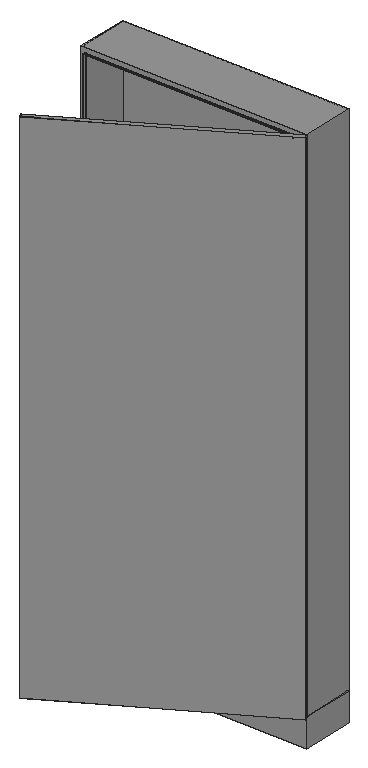
Revit family "Hager-Univers-IP44-D205-H1950-Cl.II-Encl-NoHosted-CH-fr", category Electrical Equipment, Revit 2020
Family settings
  Panel Configuration = Two Columns, Circuits Across
  Round Connector Dimension = Use Diameter
  Part Type = Panelboard
  Work Plane-Based = Yes
  Always vertical = Yes
  Cut with Voids When Loaded = No
  Shared = No
  Room Calculation Point = No
Parameters (values of type "installation au sol IP44 L800 H1950 P205  - FP23SN2")
  Width Control [instance] = if([EF000008 - largeur] > Min Width, [EF000008 - largeur], Min Width)  # 800 mm
  Type Comments = [HG000003 - Gamme]  # "Univers"
  Thickness Door [instance] = if([EF009171 - épaisseur de matériau de la porte/du couvercle] > 3 mm, 3 mm, [EF009171 - épaisseur de matériau de la porte/du couvercle])  # 1 mm
  Seal Frame Offset [instance] = 17 mm  # constant formula
  Plinth Visibility [instance] = [HG000027 - Hauteur du socle] > 0 mm  # yes
  Min Width [instance] = 100 mm  # constant formula
  Min Depth [instance] = (2 * [EF009170 - épaisseur de matériau du boîtier]) + 1 mm  # 3 mm
  Min Height [instance] = 100 mm  # constant formula
  Internal Frame Depth [instance] = (Door System Depth * 0.5)  # 9 mm
  Panel Name [instance] = ""  # (empty or 0)
  Model = ""
  HG000027 - Hauteur du socle = 100 mm
  HG000026 - Installation au sol = yes
  HG000024 - Hauteur de la section basse = 600 mm
  HG000023 - Armoire double section = no
  HG000016 - Visibilité de la porte 3D [instance] = yes
  HG000015 - Visibilité de l'emprise de la porte [instance] = no
  HG000014 - Porte à droite [instance] = yes
  HG000013 - Porte à gauche [instance] = not([HG000014 - Porte à droite])  # no
  HG000012 - Angle de pivotement de la porte [instance] = 30.00°
  HG000010 - Portes asymétriques = no
  HG000009 - Porte à double battant = no
  HG000006 - Encastré = no
  HG000004 - Référence fabricant = "FP23SN2"
  HG000003 - Gamme = "Univers"
  HG000002 - avec porte = yes
  Frame Offset Bottom [instance] = 10 mm  # constant formula
  Frame Offset [instance] = 15 mm  # constant formula
  EF015940 - couvercle avec décharge de pression = no
  EF011959 - degré de protection (NEMA) = ""
  EF009554 - nombre d'ouvertures pour plaques à bride = 6
  EF009212 - finition du couvercle = "EV000116 - fermé"
  EF009171 - épaisseur de matériau de la porte/du couvercle = 1 mm
  EF009170 - épaisseur de matériau du boîtier = 1 mm
  EF008873 - courant nominal (In) = 400 A
  EF007800 - adapté à un parafoudre = no
  EF006306 - avec serrure = no
  EF006244 - couvercle/porte transparent(e) = no
  EF005474 - indice de protection (IP) = "EV006418 - IP44"
  EF004464 - type de porte = "EV002646 - unique"
  EF004427 - nombre de modules = 432
  EF004293 - indice de protection contre les chocs (IK) = "EV006815 - IK09"
  EF003532 - convient pour utilisation à l’extérieur = no
  EF002950 - largeur en nombre de modules = 36
  EF001613 - maintien de fonction = "EV000494 - sans"
  EF001596 - matériau du boîtier/corps = "EV000179 - acier"
  EF001131 - profondeur intérieure = 143 mm
  EF001088 - possibilité de montage en saillie = yes
  EF000437 - nombre d'entrées de conduit = 6
  EF000339 - type de capot = "EV001012 - couvercle"
  EF000266 - nombre de rangées = 12
  EF000218 - profondeur d'encastrement = 0 mm
  EF000118 - avec cadre/support de montage = no
  EF000116 - numéro RAL = "9010"
  EF000049 - profondeur = 205 mm
  EF000040 - hauteur = 1950 mm
  EF000008 - largeur = 800 mm
  EF000007 - couleur = "EV000202 - blanc"
  EF000003 - mode de pose = "EV012274 - installation au sol"
  Door System Leaf Tolerance [instance] = 1.5 mm  # constant formula
  Door System Depth [instance] = 18 mm  # constant formula
  Door Height [instance] = Height Control - [HG000027 - Hauteur du socle]  # 1850 mm
  Description = ""
  Default Elevation = 1219.2 mm
  Connector Offset [instance] = Height Control / 2  # 975 mm
  Manufacturer = "Hager"  # constant formula
  Height Control [instance] = if([EF000040 - hauteur] > Min Height, [EF000040 - hauteur], Min Height)  # 1950 mm
  Depth Control [instance] = if([EF000049 - profondeur] > Min Depth, [EF000049 - profondeur], Min Depth)  # 205 mm
  Bottom Top Plate Trim [instance] = 1.5 mm  # constant formula
  Plinth height Ctrl [instance] = if([HG000027 - Hauteur du socle] > 0 mm, [HG000027 - Hauteur du socle], 12 mm)  # 100 mm
Types (5, lengths in mm): name | Width Control | HG000010 - Portes asymétriques | HG000009 - Porte à double battant | HG000004 - Référence fabricant | EF009554 - nombre d'ouvertures pour plaques à bride | EF008873 - courant nominal (In) | EF004464 - type de porte | EF004427 - nombre de modules | EF002950 - largeur en nombre de modules | EF000437 - nombre d'entrées de conduit | EF000008 - largeur
  installation au sol IP44 L1050 H1950 P205  - FP24SN2 | 1050 | no | yes | "FP24SN2" | 8 | 400 A | "EV003602 - double" | 576 | 48 | 8 | 1050
  installation au sol IP44 L1300 H1950 P205  - FP25SN2 | 1300 | yes | yes | "FP25SN2" | 10 | 400 A | "EV003602 - double" | 720 | 60 | 10 | 1300
  installation au sol IP44 L300 H1950 P205  - FP21SN2 | 300 | no | no | "FP21SN2" | 2 | 250 A | "EV002646 - unique" | 144 | 12 | 2 | 300
  installation au sol IP44 L550 H1950 P205  - FP22SN2 | 550 | no | no | "FP22SN2" | 4 | 400 A | "EV002646 - unique" | 288 | 24 | 4 | 550
  installation au sol IP44 L800 H1950 P205  - FP23SN2 | 800 | no | no | "FP23SN2" | 6 | 400 A | "EV002646 - unique" | 432 | 36 | 6 | 800
Reference planes
  plane 1 "Center (Front/Back)": y = 0
  plane 2: z = 0
  plane 3 "Center (Left/Right)": x = 0
  plane 4: y = 0
  plane 5: y = 0
  plane 6: z = 0
  plane 7: x = -400
  plane 8: x = 400
  plane 9: x = 399
  plane 10: x = -399
  plane 11: z = 100
  plane 12: z = 101
  plane 13: y = -205
  plane 14: y = -1
  plane 15: x = 0
  plane 16: y = -187
  plane 17: y = -204
  plane 18: y = -186
  plane 19: x = -384
  plane 20: x = 384
  plane 21: z = 111
  plane 22: x = -383
  plane 23: x = 383
  plane 24: z = 100
  plane 25: z = 1950
  plane 26: z = 1950
  plane 27: z = 1934
  plane 28: z = 1949
Forms (mm)
  Extrusion 1, solid, material "Hager_Steel_RAL7035_Light_Grey", detail levels medium+fine
    sketch origin (-208.679, -4572, 100) x (-1, 0, 0) y (0, -1, 0)
      loop
        line (191.321, -4385) -> (-608.679, -4385) -> (-608.679, -4572) -> (191.321, -4572) -> (191.321, -4385)
    from 0 to 1850
  Extrusion 2, void
    sketch origin (-350.771, -205, 1219.2) x (1, 0, 0) y (0, 0, 1)
      loop
        line (-48.229, 729.8) -> (-48.229, -1118.2) -> (749.771, -1118.2) -> (749.771, 729.8) -> (-48.229, 729.8)
    from -19 to -204
  Extrusion 3, void
    sketch origin (-290.084, -187, 1219.2) x (1, 0, 0) y (0, 0, 1)
      loop
        line (-93.916, -1108.2) -> (674.084, -1108.2) -> (674.084, 714.8) -> (-93.916, 714.8) -> (-93.916, -1108.2)
    from 0 to -1
  Extrusion 4, solid, material "Hager_Steel_RAL7035_Light_Grey", visible <- "Plinth Visibility", detail levels medium+fine
    sketch origin (0, 0, 0) x (1, 0, 0) y (0, 1, 0)
      loop
        line (-400, 0) -> (-400, -187) -> (400, -187) -> (400, 0) -> (-400, 0)
    from 0 to 100 <- "Plinth height Ctrl"
  Extrusion 5, solid, material "Hager_Steel_RAL7035_Light_Grey", detail levels coarse
    sketch origin (0, 0, 0) x (1, 0, 0) y (0, 1, 0)
      loop
        line (-400, 0) -> (-400, -205) -> (400, -205) -> (400, 0) -> (-400, 0)
    from 0 to 1950 <- "Height Control"
  Sweep 6, void
    path in 3D
      loop
        line (-400, -187, 100) -> (400, -187, 100) -> (400, 0, 100) -> (-400, 0, 100) -> (-400, -187, 100)
    profile origin (-400, -93.5, 100) x (1, 0, 0) y (0, 0, 1)
      loop
        line (0, 0) -> (0, -1.5) -> (1.5, -1.5)
        arc (1.5, -1.5) -> (1.061, -0.439) -> (0, 0) r 1.5
  Extrusion 7, solid, material "Hager_Steel_RAL7035_Light_Grey", detail levels fine
    sketch origin (-400, -187, 100) x (1, 0, 0) y (0, 0, 1)
      loop
        line (16, 11) -> (784, 11) -> (784, 1834) -> (16, 1834) -> (16, 11)
      loop
        line (15, 10) -> (785, 10) -> (785, 1835) -> (15, 1835) -> (15, 10)
    from 0 to 9 <- "Internal Frame Depth"
Cuts and joins
  Extrusion 2, Extrusion 3 cuts Extrusion 1
  Sweep 6 cuts Extrusion 4
Lines and regions (mm)
  Masking region 1
    outline origin (0, 0, 0) x (1, 0, 0) y (0, 1, 0)
      loop
        line (-400, 0) -> (-400, -205) -> (400, -205) -> (400, 0) -> (-400, 0)
  Masking region 2, detail levels coarse
    outline origin (-290.084, -187, 1219.2) x (-1, 0, 0) y (0, 0, 1)
      loop
        line (-690.084, -1219.2) -> (109.916, -1219.2) -> (109.916, 730.8) -> (-690.084, 730.8) -> (-690.084, -1219.2)
  Masking region 3, detail levels coarse
    outline origin (0, 0, 0) x (0, 1, 0) y (0, 0, 1)
      loop
        line (0, 0) -> (0, 1950) -> (-205, 1950) -> (-205, 0) -> (0, 0)
  Masking region 4, visible <- "Plinth Visibility", detail levels medium+fine
    outline origin (0, 0, 0) x (0, 1, 0) y (0, 0, 1)
      loop
        line (-1.5, 100) -> (-185.5, 100)
        arc (-185.5, 100) -> (-185.939, 98.939) -> (-187, 98.5) r 1.5
        line (-187, 98.5) -> (-187, 0) -> (0, 0) -> (0, 98.5)
        arc (0, 98.5) -> (-1.061, 98.939) -> (-1.5, 100) r 1.5
  Masking region 5, detail levels medium+fine
    outline origin (0, 0, 594.038) x (0, 1, 0) y (0, 0, 1)
      loop
        line (0, -494.038) -> (0, 1355.962) -> (-187, 1355.962) -> (-187, -494.038) -> (0, -494.038)
  Masking region 6, detail levels medium+fine
    outline origin (-359.7, -187, 1211.883) x (-1, 0, 0) y (0, 0, 1)
      loop
        line (-759.7, -1111.883) -> (40.3, -1111.883) -> (40.3, 738.117) -> (-759.7, 738.117) -> (-759.7, -1111.883)
  Masking region 7, visible <- "Plinth Visibility", detail levels medium+fine
    outline origin (-320.334, -187, 1041.368) x (-1, 0, 0) y (0, 0, 1)
      loop
        line (-720.334, -1041.368) -> (79.666, -1041.368) -> (79.666, -942.868)
        arc (79.666, -942.868) -> (78.606, -942.429) -> (78.166, -941.368) r 1.5
        line (78.166, -941.368) -> (-718.834, -941.368)
        arc (-718.834, -941.368) -> (-719.273, -942.429) -> (-720.334, -942.868) r 1.5
        line (-720.334, -942.868) -> (-720.334, -1041.368)
  sketch lines
    curve 1: line (-400, 0, 100) -> (-400, -187, 100)
    curve 2: line (-400, -187, 100) -> (400, -187, 100)
    curve 3: line (400, 0, 100) -> (-400, 0, 100)
    curve 4: line (400, -187, 100) -> (400, 0, 100)
Dimensions and locks
  locked: plane 1 "Center (Front/Back)" to plane 5
  "EF009170 - épaisseur de matériau du boîtier": plane 7 to plane 10
  "EF009170 - épaisseur de matériau du boîtier": plane 8 to plane 9
  equal spacing: plane 7, plane 3 "Center (Left/Right)", plane 8
  "Width Control": plane 7 to plane 8
  "Depth Control": plane 4 to plane 13
  "EF009170 - épaisseur de matériau du boîtier": plane 4 to plane 14
  "Height Control": plane 25 to level
  "HG000027 - Hauteur du socle": plane 11 to level
  "EF009170 - épaisseur de matériau du boîtier": plane 12 to plane 11
  "EF009170 - épaisseur de matériau du boîtier": plane 17 to plane 13
  "EF009170 - épaisseur de matériau du boîtier": plane 18 to plane 16
  "Frame Offset Bottom": plane 21 to plane 12
  "Frame Offset": plane 10 to plane 19
  "Frame Offset": plane 9 to plane 20
  "Door System Depth": plane 16 to plane 13
  "Seal Frame Offset": plane 7 to plane 22
  "Seal Frame Offset": plane 8 to plane 23
  "EF009170 - épaisseur de matériau du boîtier": plane 26 to plane 28
  "Frame Offset": plane 28 to plane 27
  "Connector Offset": plane 2 to connector elem
  "Bottom Top Plate Trim": profile plane to Sweep 6 sketch curve
  "Bottom Top Plate Trim": Sweep 6 sketch curve to Sweep 6 sketch curve
  "Plinth height Ctrl": Masking region 4 sketch curve to level
  "Plinth height Ctrl": Masking region 7 sketch curve to level
  "Thickness Door": Extrusion 7 sketch curve to Extrusion 7 sketch curve  (x4)
  "Bottom Top Plate Trim": radius of Sweep 6 sketch curve
  "Bottom Top Plate Trim": radius of Masking region 4 sketch curve  (x2)
  "Bottom Top Plate Trim": radius of Masking region 7 sketch curve  (x2)
  aligned and locked: Extrusion 2 sketch curve to plane 12
  aligned and locked: Extrusion 2 sketch curve to plane 9
  aligned and locked: Extrusion 2 sketch curve to plane 10
  aligned and locked: Extrusion 2 to plane 14
  aligned and locked: Extrusion 1 sketch curve to plane 4
  aligned and locked: plane 8 to Extrusion 1 sketch curve
  aligned and locked: plane 7 to Extrusion 1 sketch curve
  aligned and locked: Extrusion 2 to plane 18
  aligned and locked: Extrusion 3 sketch curve to plane 19
  aligned and locked: plane 20 to Extrusion 3 sketch curve
  aligned and locked: Extrusion 3 to Extrusion 2
  aligned and locked: Extrusion 3 sketch curve to plane 21
  aligned and locked: plane 3 "Center (Left/Right)" to nested 1
  aligned and locked: Extrusion 1 sketch curve to plane 16
  aligned and locked: Extrusion 4 sketch curve to cut or joined group of Extrusion 1, Extrusion 2, Extrusion 3
  aligned and locked: Masking region 1 sketch curve to plane 7
  aligned and locked: Masking region 1 sketch curve to plane 5
  aligned and locked: Masking region 1 sketch curve to plane 8
  aligned and locked: Masking region 2 sketch curve to level
  aligned and locked: level to Masking region 3 sketch curve
  aligned and locked: plane 1 "Center (Front/Back)" to Masking region 3 sketch curve
  aligned and locked: plane 13 to Masking region 3 sketch curve
  aligned and locked: plane 5 to Masking region 4 sketch curve
  aligned and locked: Masking region 2 sketch curve to plane 8
  aligned and locked: Masking region 2 sketch curve to plane 7
  aligned and locked: plane 7 to nested 2
  aligned and locked: nested 2 to plane 5
  aligned and locked: plane 5 to Masking region 5 sketch curve
  aligned and locked: plane 26 to Masking region 5 sketch curve
  aligned and locked: Extrusion 5 sketch curve to plane 8
  aligned and locked: Extrusion 5 sketch curve to plane 7
  aligned and locked: Extrusion 5 sketch curve to plane 5
  aligned and locked: Extrusion 3 sketch curve to plane 27
  aligned and locked: Extrusion 2 sketch curve to plane 28
  aligned and locked: Masking region 2 to plane 25
  aligned and locked: Extrusion 4 to plane 16
  aligned and locked: profile plane to Sweep 6 sketch curve
  aligned and locked: Masking region 5 sketch curve to plane 24
  aligned and locked: level to Masking region 4 sketch curve
  aligned and locked: Masking region 1 to plane 13
  aligned and locked: nested 1 to plane 16
  aligned and locked: Masking region 3 to plane 25
  aligned and locked: plane 16 to Masking region 4 sketch curve
  aligned and locked: Masking region 5 sketch curve to plane 16
  aligned and locked: plane 24 to plane 11
  aligned and locked: plane 26 to plane 25
  aligned and locked: plane 26 to cut or joined group of Extrusion 1, Extrusion 2, Extrusion 3
  aligned and locked: nested 1 to plane 24
  aligned and locked: Extrusion 1 to Extrusion 3
  aligned and locked: Masking region 6 sketch curve to plane 8
  aligned and locked: Masking region 6 sketch curve to plane 24
  aligned and locked: Masking region 6 sketch curve to plane 7
  aligned and locked: Masking region 6 sketch curve to plane 26
  aligned and locked: Masking region 7 sketch curve to plane 7
  aligned and locked: level to Masking region 7 sketch curve
  aligned and locked: Masking region 7 sketch curve to plane 8
  aligned and locked: Extrusion 7 sketch curve to cut or joined group of Extrusion 1, Extrusion 2, Extrusion 3  (x4)
Automatic sketch dimensions
  plane 19 to Extrusion 3 sketch curve = 0 mm
  Extrusion 3 sketch curve to plane 20 = 0 mm
  Extrusion 3 sketch curve to plane 21 = 0 mm
  Extrusion 4 sketch curve to plane 7 = 0 mm
  Extrusion 4 sketch curve to plane 8 = 0 mm
  Extrusion 4 sketch curve to plane 16 = 0 mm
  Masking region 1 sketch curve to plane 13 = 0 mm
  Masking region 2 sketch curve to plane 25 = 0 mm
  Masking region 3 sketch curve to plane 25 = 0 mm
  Extrusion 5 sketch curve to plane 13 = 0 mm
  profile plane to Sweep 6 sketch curve = 0 mm
Nested families
  nested 1: "EC000058_Univers_Door" at (0, -187, 100), Double <- "HG000009 - Porte à double battant", Transparent <- "EF006244 - couvercle/porte transparent(e)", Angle <- "HG000012 - Angle de pivotement de la porte", Door_Right <- "HG000014 - Porte à droite", Assymetrical <- "HG000010 - Portes asymétriques", Door <- "HG000002 - avec porte", Width_Ctrl <- "Width Control", 3d_Door <- "HG000016 - Visibilité de la porte 3D", Clearance <- "HG000015 - Visibilité de l'emprise de la porte", Door_Left <- "HG000013 - Porte à gauche", Width <- "Width Control", Door_Depth <- "Door System Depth", Leaf_Tolerance <- "Door System Leaf Tolerance", Height <- "Door Height", Lock_Visibility <- "EF006306 - avec serrure", Thickness <- "Thickness Door", type "EC000058_Univers_Door", detail levels medium+fine
    with min_wh 3 mm, Width_Ctrl 800 mm, Width 800 mm, Transparent no, Thickness 1 mm, Seal_Material Hager_Rubber, Lock_Visibility no, Lock_Material Hager_Plastic_RAL9005_Jet_Black, Leaf_Width 800 mm, Leaf_Tolerance_External_Sides 0 mm, Leaf_Tolerance 1.5 mm, Leaf_Offset 0 mm, Leaf_Height 1847 mm, Leaf_2_Width 800 mm, Leaf_2_Offset 400 mm, Leaf_1_Width 800 mm, Leaf_1_Offset 400 mm, Height_Ctrl 1850 mm, Height 1850 mm, Glass_Material Hager_Glass, Double_Clearance_Ctrl no, Double no, Door_Right_Ctrl yes, Door_Right yes, Door_Material Hager_Steel_RAL7035_Light_Grey, Door_Left_Ctrl no, Door_Left no, Door_Depth 18 mm, Door yes, Clearance_Material Hager_Clearance, Clearance_Depth 800 mm, Clearance_Ctrl no, Clearance no, Assymetrical no, Angle 30.00°, 3d_Door yes
  nested 2: "Hager_Enclosure_Symbol" at (-400, 0, 0), Height <- "Depth Control", Width <- "Width Control", type "Hager_Enclosure_Symbol"
    with Width_Ctrl 800 mm, Width 800 mm, Height_Ctrl 205 mm, Height 205 mm, A_Width_Int 13.453 mm, A_Width 161.438 mm, A_Height_Ctrl 179.375 mm, A_Height 179.375 mm
Connectors
  electrical at (0, 0, 975)
    settings: on plane 1 "Center (Front/Back)", index 1, voltage 0 V, apparent load 0 VA, apparent load phase1 0 VA, apparent load phase2 0 VA, apparent load phase3 0 VA, power factor 1, load classification "Other", number of poles 1, system type 30, power factor state 1, is connector primary yes, connector utility no, sub classification motor no, connector description ""
Definition of nested family "EC000058_Univers_Door"
  Parameters (values of type "EC000058_Univers_Door")
    min_wh [instance] = (2 * Thickness) + 1 mm  # 11 mm
    Width_Ctrl [instance] = 400 mm
    Width [instance] = 500 mm
    Transparent [instance] = yes
    Thickness [instance] = 5 mm
    Seal_Material [instance] = none
    Lock_Visibility [instance] = yes
    Lock_Material [instance] = none
    Leaf_Width [instance] = if((Width_Ctrl - 2 * Leaf_Tolerance_External_Sides) > 0 mm, (Width_Ctrl - 2 * Leaf_Tolerance_External_Sides), min_wh)  # 400 mm
    Leaf_Tolerance_External_Sides [instance] = 0 mm  # constant formula
    Leaf_Tolerance [instance] = 1.5 mm
    Leaf_Offset [instance] = 0 mm  # constant formula
    Leaf_Height [instance] = if((Height_Ctrl - 2 * Leaf_Tolerance) > 0 mm, (Height_Ctrl - 2 * Leaf_Tolerance), min_wh)  # 497 mm
    Leaf_2_Width [instance] = if(and(and(Double, Assymetrical), Door_Left), (Leaf_Width / 3) - (Leaf_Tolerance / 2), if(and(and(Double, Assymetrical), Door_Right), (Leaf_Width / 3) * 2 - (Leaf_Tolerance / 2), if(and(Double, not(Assymetrical)), (Leaf_Width / 2) - Leaf_Tolerance, Leaf_Width)))  # 400 mm
    Leaf_2_Offset [instance] = if(and(Double, Assymetrical), Leaf_2_Width / 2, if(and(Double, not(Assymetrical)), Leaf_Width / 4, Leaf_Width / 2))  # 200 mm
    Leaf_1_Width [instance] = if(and(and(Double, Assymetrical), Door_Right), (Leaf_Width / 3) - (Leaf_Tolerance / 2), if(and(and(Double, Assymetrical), Door_Left), (Width / 3) * 2 - (Leaf_Tolerance / 2), if(and(Double, not(Assymetrical)), (Leaf_Width / 2) - Leaf_Tolerance, Leaf_Width)))  # 400 mm
    Leaf_1_Offset [instance] = if(and(Double, Assymetrical), Leaf_1_Width / 2, if(and(Double, not(Assymetrical)), Leaf_Width / 4, Leaf_Width / 2))  # 200 mm
    Height_Ctrl [instance] = if(Height > min_wh, Height, min_wh)  # 500 mm
    Height [instance] = 500 mm
    Glass_Material [instance] = none
    Double_Clearance_Ctrl [instance] = and(Double, Clearance)  # no
    Double [instance] = no
    Door_Right_Ctrl [instance] = and(or(Door_Right, Double), Door)  # yes
    Door_Right [instance] = yes
    Door_Material [instance] = none
    Door_Left_Ctrl [instance] = and(or(Door_Left, Double), Door)  # no
    Door_Left [instance] = no
    Door_Depth [instance] = 30 mm
    Door [instance] = yes
    Default Elevation = 1219.2 mm
    Clearance_Material [instance] = none
    Clearance_Depth [instance] = if(Leaf_1_Width > Leaf_2_Width, Leaf_1_Width, Leaf_2_Width)  # 400 mm
    Clearance_Ctrl [instance] = and(not(Double), Clearance)  # yes
    Clearance [instance] = yes
    Assymetrical [instance] = yes
    Angle [instance] = 30.00°
    3d_Door [instance] = yes
  Reference planes
    plane 1 "Center (Front/Back)": y = 0
    plane 2 "Bottom": z = 0
    plane 3 "Center (Left/Right)": x = 0
    plane 4: z = 500
    plane 5: x = -200
    plane 6: x = 200
    plane 7: z = 500
    plane 8: x = -200
    plane 9: z = 0
    plane 10: x = 200
    plane 11: y = 0
    plane 12: z = 1.5
    plane 13: x = -600
    plane 14: y = -400
    plane 15: x = 600
    plane 16: x = 0
    plane 17: x = 0
    plane 18: x = -200
    plane 19: x = 200
    plane 20: z = 498.5
  Forms (mm)
    Extrusion 1, solid, material <- "Clearance_Material", visible <- "Double_Clearance_Ctrl"
      sketch origin (1200, 0, 0) x (1, 0, 0) y (0, 0, -1)
        loop
          line (-1800, -498.5) -> (-600, -498.5) -> (-600, 0) -> (-1800, 0) -> (-1800, -498.5)
      from 0 to -400
  Dimensions and locks
    equal spacing: plane 5, plane 3 "Center (Left/Right)", plane 6
    "Width_Ctrl": plane 5 to plane 6
    "Leaf_Offset": plane 5 to plane 8
    "Leaf_Offset": plane 6 to plane 10
    "Leaf_Offset": plane 9 to level
    "Leaf_Offset": plane 4 to plane 7
    "Height_Ctrl": plane 4 to level
    "Leaf_Tolerance": plane 12 to plane 9
    locked: plane 11 to plane 1 "Center (Front/Back)"
    "Leaf_1_Offset": plane 18 to plane 16
    "Leaf_2_Offset": plane 17 to plane 19
    "Leaf_1_Width": plane 13 to plane 8
    "Leaf_2_Width": plane 10 to plane 15
    "Clearance_Depth": plane 14 to plane 1 "Center (Front/Back)"
    "Leaf_Tolerance_External_Sides": plane 8 to plane 18
    "Leaf_Tolerance_External_Sides": plane 19 to plane 10
    "Leaf_Tolerance": plane 7 to plane 20
    aligned and locked: level to plane 2 "Bottom"
    aligned and locked: nested 1 to plane 16
    aligned and locked: nested 2 to plane 17
    aligned and locked: Extrusion 1 to plane 13
    aligned and locked: plane 15 to Extrusion 1
    aligned and locked: Extrusion 1 to plane 14
    aligned and locked: plane 12 to nested 1
    aligned and locked: nested 2 to plane 12
    aligned and locked: Extrusion 1 to plane 11
    aligned and locked: plane 20 to Extrusion 1
    aligned and locked: nested 2 to plane 11
    aligned and locked: nested 1 to plane 11
  Automatic sketch dimensions
    Extrusion 1 sketch curve to level = 0 mm
    plane 5 to Extrusion 1 sketch curve = 400 mm
    plane 6 to Extrusion 1 sketch curve = 400 mm
    Extrusion 1 sketch curve to plane 4 = 1.5 mm
  Nested families
    nested 1: "EC000058_Univers_Door_Leaf" at (0, 0, 1.5), Width <- "Leaf_1_Width", visible <- "Door_Left_Ctrl", Leaf_Height <- "Leaf_Height", Angle <- "Angle", 3d_Door <- "3d_Door", Transparent <- "Transparent", Clearance Material <- "Clearance_Material", Clearance <- "Clearance_Ctrl", Door_Material <- "Door_Material", Glass_Material <- "Glass_Material", Door_Depth <- "Door_Depth", Lock_Material <- "Lock_Material", Seal_Material <- "Seal_Material", Lock_Visibility <- "Lock_Visibility", Thickness <- "Thickness", type "EC000058_Univers_Door_Leaf"
      with Width 400 mm, Transparent_Glass_Offset 30 mm, Transparent_Ctrl yes, Transparent yes, Thickness 5 mm, Standard no, Seal_Material none, Seal_D2 8 mm, Seal_D1 1 mm, Offset_Internal_Frame 10 mm, Lock_Width 20 mm, Lock_Visibility_3d yes, Lock_Visibility yes, Lock_Thickness_3 3 mm, Lock_Thickness_2 1 mm, Lock_Thickness_1 3 mm, Lock_Radius_Offset_2 16 mm, Lock_Radius_Offset_1 15 mm, Lock_Radius_2 5 mm, Lock_Radius 6 mm, Lock_Offset 5 mm, Lock_Material none, Lock_Height 80 mm, Lock_Cover_Top_Offset_2d 17 mm, Lock_Cover_Height -65 mm, Leaf_Height 497 mm, Internal_Seal_Thickness 8 mm, Internal_Seal_Depth_2 4.5 mm, Internal_Frame_Depth 25 mm, Glass_Thickness -1 mm, Glass_Offset -2 mm, Glass_Material none, Door_Material none, Door_Depth 30 mm, Clearance Material none, Clearance yes, Angle_Ctrl 30.00°, Angle 30.00°, 3d_Door yes
    nested 2: "EC000058_Univers_Door_Leaf" at (0, 0, 1.5) x (-1, 0, 0) z (0, 0, 1), Width <- "Leaf_2_Width", visible <- "Door_Right_Ctrl", Leaf_Height <- "Leaf_Height", Angle <- "Angle", 3d_Door <- "3d_Door", Transparent <- "Transparent", Clearance Material <- "Clearance_Material", Clearance <- "Clearance_Ctrl", Door_Material <- "Door_Material", Glass_Material <- "Glass_Material", Door_Depth <- "Door_Depth", Lock_Material <- "Lock_Material", Seal_Material <- "Seal_Material", Lock_Visibility <- "Lock_Visibility", Thickness <- "Thickness", type "EC000058_Univers_Door_Leaf"
      with Width 400 mm, Transparent_Glass_Offset 30 mm, Transparent_Ctrl yes, Transparent yes, Thickness 5 mm, Standard no, Seal_Material none, Seal_D2 8 mm, Seal_D1 1 mm, Offset_Internal_Frame 10 mm, Lock_Width 20 mm, Lock_Visibility_3d yes, Lock_Visibility yes, Lock_Thickness_3 3 mm, Lock_Thickness_2 1 mm, Lock_Thickness_1 3 mm, Lock_Radius_Offset_2 16 mm, Lock_Radius_Offset_1 15 mm, Lock_Radius_2 5 mm, Lock_Radius 6 mm, Lock_Offset 5 mm, Lock_Material none, Lock_Height 80 mm, Lock_Cover_Top_Offset_2d 17 mm, Lock_Cover_Height -65 mm, Leaf_Height 497 mm, Internal_Seal_Thickness 8 mm, Internal_Seal_Depth_2 4.5 mm, Internal_Frame_Depth 25 mm, Glass_Thickness -1 mm, Glass_Offset -2 mm, Glass_Material none, Door_Material none, Door_Depth 30 mm, Clearance Material none, Clearance yes, Angle_Ctrl 30.00°, Angle 30.00°, 3d_Door yes
  Definition of nested family "EC000058_Univers_Door_Leaf"
    Parameters (values of type "EC000058_Univers_Door_Leaf")
      Width [instance] = 2000 mm
      Transparent_Glass_Offset [instance] = 30 mm
      Transparent_Ctrl [instance] = and(Transparent, [3d_Door])  # yes
      Transparent [instance] = yes
      Thickness [instance] = 5 mm
      Standard [instance] = and(not(Transparent), [3d_Door])  # no
      Seal_Material [instance] = none
      Seal_D2 [instance] = 8 mm  # constant formula
      Seal_D1 [instance] = 1 mm  # constant formula
      Offset_Internal_Frame [instance] = 10 mm  # constant formula
      Lock_Width [instance] = 20 mm  # constant formula
      Lock_Visibility_3d [instance] = and(Lock_Visibility, [3d_Door])  # yes
      Lock_Visibility [instance] = yes
      Lock_Thickness_3 [instance] = 3 mm  # constant formula
      Lock_Thickness_2 [instance] = 1 mm  # constant formula
      Lock_Thickness_1 [instance] = 3 mm  # constant formula
      Lock_Radius_Offset_2 [instance] = Lock_Radius_Offset_1 + 1 mm  # 16 mm
      Lock_Radius_Offset_1 [instance] = 15 mm  # constant formula
      Lock_Radius_2 [instance] = Lock_Radius - 1 mm  # 5 mm
      Lock_Radius [instance] = 6 mm  # constant formula
      Lock_Offset [instance] = 5 mm  # constant formula
      Lock_Material [instance] = none
      Lock_Height [instance] = 80 mm  # constant formula
      Lock_Cover_Top_Offset_2d [instance] = Lock_Radius_Offset_2 + 1 mm  # 17 mm
      Lock_Cover_Height [instance] = -(Lock_Height - Lock_Radius_Offset_1)  # -65 mm
      Leaf_Height [instance] = 2720.336 mm
      Internal_Seal_Thickness [instance] = 8 mm  # constant formula
      Internal_Seal_Depth_2 [instance] = 4.5 mm  # constant formula
      Internal_Frame_Depth [instance] = if(Door_Depth - Thickness > 5 mm, Door_Depth - Thickness, 5 mm)  # 25 mm
      Glass_Thickness [instance] = if(Thickness > 15 mm, Glass_Offset + 10 mm, -1 mm)  # -1 mm
      Glass_Offset [instance] = if(Thickness > 15 mm, -(Thickness + 10 mm) / 2, -2 mm)  # -2 mm
      Glass_Material [instance] = none
      Door_Material [instance] = none
      Door_Depth [instance] = 30 mm
      Default Elevation = 0 mm
      Clearance Material [instance] = none
      Clearance [instance] = yes
      Angle_Ctrl [instance] = if(Angle > 180.00°, 180.00°, Angle)  # 90.00°
      Angle [instance] = 90.00°
      3d_Door [instance] = yes
    Reference planes
      plane 1 "Center (Front/Back)": y = 0
      plane 2: z = 0
      plane 3 "Center (Left/Right)": x = 0
      plane 4: y = 2000
      plane 5: x = -1000
      plane 6: x = 1000
      plane 7: x = -3000
      plane 8: z = 2720.336
      plane 9: z = 30
      plane 10: z = 2690.336
      plane 11: x = 970
      plane 12: x = -970
      plane 13: y = -3
      plane 14: z = 107.833
      plane 15: y = -5
      plane 16: y = -223.314
      plane 17: x = -1000
      plane 18: z = 1360.168
      plane 19: y = 30
    Forms (mm)
      Extrusion 1, solid, material <- "Clearance Material", visible <- "Clearance"
        sketch origin (0, 0, 0) x (1, 0, 0) y (0, 0, 1)
          loop
            line (-3000, 2720.336) -> (-3000, 0) -> (1000, 0) -> (1000, 2720.336) -> (-3000, 2720.336)
        from 0 to -2000
      Extrusion 2, solid, material <- "Door_Material", visible <- "Standard", detail levels medium+fine
        sketch origin (-1000, 0, 0) x (0, 1, 0) y (-1, 0, 0)
          loop
            line (0, 30) -> (0, 25) -> (2000, 25) -> (2000, 30) -> (0, 30)
        from 0 to 2720.336 <- "Leaf_Height"
      Extrusion 3, solid, material <- "Door_Material", visible <- "Transparent_Ctrl", detail levels medium+fine
        sketch origin (-1000, 0, 0) x (0, 1, 0) y (-1, 0, 0)
          loop
            line (0, 25) -> (2000, 25) -> (2000, 30) -> (0, 30) -> (0, 25)
        from 0 to 2720.336 <- "Leaf_Height"
      Extrusion 4, void
        sketch origin (-1025, 2000, 0) x (0, 1, 0) y (0, 0, -1)
          loop
            line (-30, -2690.336) -> (-30, -30) -> (-1970, -30) -> (-1970, -2690.336) -> (-30, -2690.336)
        from 0 to 5 <- "Thickness"
      Sweep 5, solid, material <- "Seal_Material", visible <- "Transparent_Ctrl", detail levels fine
        path in 3D
          loop
            line (-1025, 30, 30) -> (-1025, 30, 2690.336) -> (-1025, 1970, 2690.336) -> (-1025, 1970, 30) -> (-1025, 30, 30)
        profile origin (-1025, 1000, 30) x (1, 0, 0) y (0, 0, 1)
          loop
            line (0, 0) -> (0, -8) -> (1, -8) -> (1, 0) -> (0, 0)
      Extrusion 6, solid, material <- "Glass_Material", visible <- "Transparent_Ctrl", detail levels medium+fine
        sketch origin (-1030, 0, 0) x (0, 1, 0) y (0, 0, -1)
          loop
            line (1970, -2690.336) -> (1970, -30) -> (30, -30) -> (30, -2690.336) -> (1970, -2690.336)
        from -2 <- "Glass_Offset" to -1 <- "Glass_Thickness"
      Extrusion 7, solid, material <- "Door_Material", visible <- "3d_Door", detail levels medium+fine
        sketch origin (-1025, 2000, 0) x (0, -1, 0) y (0, 0, -1)
          loop
            line (0, -2720.336) -> (2000, -2720.336) -> (2000, 0) -> (0, 0) -> (0, -2720.336)
          loop
            line (1995, -5) -> (5, -5) -> (5, -2715.336) -> (1995, -2715.336) -> (1995, -5)
        from 0 to 25 <- "Internal_Frame_Depth"
      Sweep 8, solid, material <- "Seal_Material", visible <- "Transparent_Ctrl", detail levels fine
        path in 3D
          loop
            line (-1025, 0, 0) -> (-1025, 2000, 0) -> (-1025, 2000, 2720.336) -> (-1025, 0, 2720.336) -> (-1025, 0, 0)
        profile origin (-1025, 0, 1360.168) x (1, 0, 0) y (0, 1, 0)
          loop
            line (0, 10) -> (2.975, 10)
            arc (2.975, 10) -> (4.053, 10.447) -> (4.5, 11.525) r 1.525
            line (4.5, 11.525) -> (4.5, 16.527)
            arc (4.5, 16.527) -> (4.069, 17.569) -> (3.027, 18) r 1.473
            line (3.027, 18) -> (0, 18) -> (0, 10)
      Extrusion 9, solid, material <- "Lock_Material", visible <- "Lock_Visibility_3d", detail levels fine
        sketch origin (-1030, 0, 0) x (0, 1, 0) y (0, 0, -1)
          loop
            arc (1993.5, -1400.168) -> (1994.561, -1399.729) -> (1995, -1398.668) r 1.5
            line (1995, -1398.668) -> (1995, -1320.168) -> (1975, -1320.168) -> (1975, -1398.668)
            arc (1975, -1398.668) -> (1975.439, -1399.729) -> (1976.5, -1400.168) r 1.5
            line (1976.5, -1400.168) -> (1993.5, -1400.168)
        from 3 <- "Lock_Thickness_1" to 0
      Blend 10, solid, material <- "Lock_Material", visible <- "Lock_Visibility_3d", detail levels fine
        base sketch origin (-1033, 0, 0) x (0, 1, 0) y (0, 0, -1)
          loop
            line (1975, -1320.168) -> (1975, -1398.668)
            arc (1975, -1398.668) -> (1975.439, -1399.729) -> (1976.5, -1400.168) r 1.5
            line (1976.5, -1400.168) -> (1993.5, -1400.168)
            arc (1993.5, -1400.168) -> (1994.561, -1399.729) -> (1995, -1398.668) r 1.5
            line (1995, -1398.668) -> (1995, -1320.168) -> (1975, -1320.168)
        top sketch origin (-1033, 0, 0) x (0, 1, 0) y (0, 0, -1)
          loop
            line (1976, -1320.168) -> (1976, -1398.668)
            arc (1976, -1398.668) -> (1976.146, -1399.022) -> (1976.5, -1399.168) r 0.5
            line (1976.5, -1399.168) -> (1993.5, -1399.168)
            arc (1993.5, -1399.168) -> (1993.854, -1399.022) -> (1994, -1398.668) r 0.5
            line (1994, -1398.668) -> (1994, -1320.168) -> (1976, -1320.168)
        from 0 to 1 <- "Lock_Thickness_2"
      Blend 11, solid, material <- "Lock_Material", visible <- "Lock_Visibility_3d", detail levels fine
        base sketch origin (-1034, 0, 0) x (0, 1, 0) y (0, 0, -1)
          loop
            line (1978, -1320.168) -> (1978, -1384.168)
            arc (1978, -1384.168) -> (1985, -1391.168) -> (1992, -1384.168) r 7
            line (1992, -1384.168) -> (1992, -1320.168) -> (1978, -1320.168)
        top sketch origin (-1034, 0, 0) x (0, 1, 0) y (0, 0, -1)
          loop
            line (1991, -1320.168) -> (1979, -1320.168) -> (1979, -1383.168)
            arc (1979, -1383.168) -> (1985, -1389.168) -> (1991, -1383.168) r 6
            line (1991, -1383.168) -> (1991, -1320.168)
        from 0 to 3 <- "Lock_Thickness_3"
      Extrusion 12, solid, material <- "Lock_Material", visible <- "Lock_Visibility_3d", detail levels fine
        sketch origin (-1030, 1975, 1320.168) x (1, 0, 0) y (0, -1, 0)
          loop
            line (-7, -19) -> (-7, -1) -> (0, -1) -> (0, 0) -> (-8, 0) -> (-8, -20) -> (0, -20) -> (0, -19) -> (-7, -19)
        from 0 to -65 <- "Lock_Cover_Height"
      Extrusion 13, void
        sketch origin (-1038, 1995, 1320.168) x (-1, 0, 0) y (0, 0, -1)
          loop
            line (-5, -65) -> (0, -65) -> (-5, -60) -> (-5, -65)
        from 0 to 20 <- "Lock_Width"
      Extrusion 14, void
        sketch origin (-1038, 1975, 1320.168) x (0, -1, 0) y (0, 0, -1)
          loop
            circle (-10, -15.995) r 6
          loop
            circle (-10, -15.995) r 5
        from 0 to 2
      Extrusion 15, solid, material <- "Lock_Material", visible <- "Lock_Visibility_3d", detail levels medium
        sketch origin (-1030, 0, 0) x (0, 1, 0) y (0, 0, -1)
          loop
            arc (1993.5, -1400.168) -> (1994.561, -1399.729) -> (1995, -1398.668) r 1.5
            line (1995, -1398.668) -> (1995, -1320.168) -> (1975, -1320.168) -> (1975, -1398.668)
            arc (1975, -1398.668) -> (1975.439, -1399.729) -> (1976.5, -1400.168) r 1.5
            line (1976.5, -1400.168) -> (1993.5, -1400.168)
        from 8 to 0
    Cuts and joins
      Extrusion 4 cuts Extrusion 3
      Extrusion 13, Extrusion 14 cuts Extrusion 9
      Extrusion 14 cuts Blend 11
      Extrusion 13, Extrusion 14 cuts Extrusion 12
      joined: Extrusion 9, Blend 10, Blend 11, Extrusion 12
      Extrusion 14 cuts Extrusion 15
    Lines and regions (mm)
      Masking region 1, visible <- "Lock_Visibility", detail levels fine
        outline origin (0, 0, 0) x (0, 1, 0) y (0, 0, 1)
          loop
            line (30, 1320.168) -> (33, 1320.168) -> (33, 1400.168) -> (30, 1400.168) -> (30, 1320.168)
      Masking region 2, visible <- "Lock_Visibility", detail levels fine
        outline origin (0, 3.143, 0) x (0, 1, 0) y (0, 0, 1)
          loop
            line (29.857, 1354.168) -> (30.857, 1354.168) -> (30.857, 1366.168) -> (29.857, 1366.168) -> (29.857, 1354.168)
      Masking region 3, detail levels medium+fine
        outline origin (0, 0, 0) x (0, 1, 0) y (0, 0, 1)
          loop
            line (0, 0) -> (30, 0) -> (30, 2720.336) -> (0, 2720.336) -> (0, 0)
      Masking region 4, detail levels medium+fine
        outline origin (0, 0, 0) x (1, 0, 0) y (0, 0, 1)
          loop
            line (-1000, 2720.336) -> (-1000, 0) -> (1000, 0) -> (1000, 2720.336) -> (-1000, 2720.336)
      Masking region 5, visible <- "Lock_Visibility", detail levels fine
        outline origin (-47.116, 0, 0) x (1, 0, 0) y (0, 0, 1)
          loop
            arc (1024.616, 1399.168) -> (1023.556, 1398.729) -> (1023.116, 1397.668) r 1.5
            line (1023.116, 1397.668) -> (1023.116, 1320.168) -> (1041.116, 1320.168) -> (1041.116, 1397.668)
            arc (1041.116, 1397.668) -> (1040.677, 1398.729) -> (1039.616, 1399.168) r 1.5
            line (1039.616, 1399.168) -> (1024.616, 1399.168)
      Masking region 6, visible <- "Lock_Visibility", detail levels medium+fine
        outline origin (-25, 0, 0) x (1, 0, 0) y (0, 0, 1)
          loop
            arc (1001.5, 1400.168) -> (1000.439, 1399.729) -> (1000, 1398.668) r 1.5
            line (1000, 1398.668) -> (1000, 1320.168) -> (1020, 1320.168) -> (1020, 1398.668)
            arc (1020, 1398.668) -> (1019.561, 1399.729) -> (1018.5, 1400.168) r 1.5
            line (1018.5, 1400.168) -> (1001.5, 1400.168)
      Masking region 7, visible <- "Lock_Visibility", detail levels fine
        outline origin (-73.735, 0, 0) x (1, 0, 0) y (0, 0, 1)
          loop
            line (1051.735, 1382.168) -> (1065.735, 1382.168) -> (1065.735, 1384.168)
            arc (1065.735, 1384.168) -> (1058.735, 1391.168) -> (1051.735, 1384.168) r 7
            line (1051.735, 1384.168) -> (1051.735, 1382.168)
      Masking region 8, visible <- "Lock_Visibility", detail levels fine
        outline origin (-73.735, 0, 0) x (1, 0, 0) y (0, 0, 1)
          loop
            line (1052.735, 1382.168) -> (1064.735, 1382.168) -> (1064.735, 1383.168)
            arc (1064.735, 1383.168) -> (1058.735, 1389.168) -> (1052.735, 1383.168) r 6
            line (1052.735, 1383.168) -> (1052.735, 1382.168)
      Masking region 9, visible <- "Lock_Visibility", detail levels fine
        outline origin (-25, 0, 0) x (1, 0, 0) y (0, 0, 1)
          loop
            line (1020, 1320.168) -> (1020, 1382.168) -> (1000, 1382.168) -> (1000, 1320.168) -> (1020, 1320.168)
      Masking region 10, detail levels medium+fine
        outline origin (0, 0, 0) x (1, 0, 0) y (0, 0, 1)
          loop
            circle (985, 1335.144) r 6
      Masking region 11, detail levels fine
        outline origin (0, 0, 0) x (1, 0, 0) y (0, 0, 1)
          loop
            circle (985, 1335.144) r 5
      Masking region 12, visible <- "Lock_Visibility", detail levels fine
        outline origin (0, 12.767, 0) x (0, 1, 0) y (0, 0, 1)
          loop
            line (20.233, 1320.168) -> (21.233, 1320.168) -> (21.233, 1399.168) -> (20.233, 1400.168) -> (20.233, 1320.168)
      Masking region 13, visible <- "Lock_Visibility", detail levels fine
        outline origin (0, 13.767, -10) x (0, 1, 0) y (0, 0, 1)
          loop
            line (20.233, 1330.168) -> (23.233, 1330.168) -> (23.233, 1399.168) -> (20.233, 1402.168) -> (20.233, 1330.168)
      Masking region 14, visible <- "Lock_Visibility", detail levels fine
        outline origin (0, 12.767, -10) x (0, 1, 0) y (0, 0, 1)
          loop
            line (20.233, 1330.168) -> (25.233, 1330.168) -> (25.233, 1399.305) -> (20.233, 1394.305) -> (20.233, 1330.168)
      Masking region 15, visible <- "Lock_Visibility", detail levels medium
        outline origin (0, 0, 0) x (0, 1, 0) y (0, 0, 1)
          loop
            line (30, 1320.168) -> (38, 1320.168) -> (38, 1400.168) -> (30, 1400.168) -> (30, 1320.168)
      Masking region 16, visible <- "Lock_Visibility", detail levels fine
        outline origin (-1000, 0, 0) x (0, 1, 0) y (-1, 0, 0)
          loop
            line (1975, 30) -> (1995, 30) -> (1995, 38) -> (1975, 38) -> (1975, 30)
          loop
            line (1979, 37) -> (1976, 37) -> (1976, 34) -> (1978, 34) -> (1979, 37)
          loop
            line (1994, 37) -> (1991, 37) -> (1992, 34) -> (1994, 34) -> (1994, 37)
      Masking region 17, visible <- "Lock_Visibility", detail levels medium
        outline origin (-1000, 0, 0) x (0, 1, 0) y (-1, 0, 0)
          loop
            line (1975, 30) -> (1995, 30) -> (1995, 38) -> (1975, 38) -> (1975, 30)
      symbolic lines
        curve 1: line (1000, 0, 0) -> (-3000, 0, 0)
        curve 2: arc (1000, 0, 0) -> (-1000, 2000, 0) -> (-3000, 0, 0) r 2000
        curve 4: line (-1030, 0, 0) -> (-1030, 2000, 0)
      reference lines
        curve 3: line (-1000, 0, 0) -> (-1000, 2000, 0)
      symbolic lines, detail levels medium+fine
        curve 5: line (-1030, 2000, 0) -> (-1025, 2000, 0)
        curve 7: line (-1025, 0, 0) -> (-1030, 0, 0)
        curve 8: line (-1025, 0, 0) -> (-1000, 0, 0)
        curve 9: line (-1000, 0, 0) -> (-1000, 2000, 0)
        curve 10: line (-1000, 2000, 0) -> (-1025, 2000, 0)
      symbolic lines, detail levels fine
        curve 6: line (-1025, 2000, 0) -> (-1025, 0, 0)
      sketch lines
        curve 11: line (-1025, 0, 2720.336) -> (-1025, 0, 0)
        curve 12: line (-1025, 2000, 0) -> (-1025, 0, 0)
        curve 13: line (-1025, 2000, 2720.336) -> (-1025, 2000, 0)
        curve 14: line (-1025, 0, 2720.336) -> (-1025, 2000, 2720.336)
        curve 15: line (-1025, 1970, 30) -> (-1025, 30, 30)
        curve 16: line (-1025, 30, 30) -> (-1025, 30, 2690.336)
        curve 17: line (-1025, 1970, 2690.336) -> (-1025, 1970, 30)
        curve 18: line (-1025, 30, 2690.336) -> (-1025, 1970, 2690.336)
      symbolic lines, visible <- "Transparent", detail levels medium+fine
        curve 19: line (-970, 0, 2690.336) -> (970, 0, 2690.336)
        curve 20: line (-970, 0, 30) -> (-970, 0, 2690.336)
        curve 21: line (970, 0, 30) -> (-970, 0, 30)
        curve 22: line (970, 0, 2690.336) -> (970, 0, 30)
    Dimensions and locks
      "Width": plane 1 "Center (Front/Back)" to plane 4
      equal spacing: plane 5, plane 3 "Center (Left/Right)", plane 6
      "Width": plane 5 to plane 6
      "Width": plane 7 to plane 5
      "Leaf_Height": plane 8 to level
      "Width": curve 5 to curve 3
      "Width": curve 3 to curve 3
      plane 8 to plane 10 = 30 mm
      plane 9 to level = 30 mm
      plane 12 to plane 5 = 30 mm
      plane 6 to plane 11 = 30 mm
      Extrusion 1 to Extrusion 4 sketch curve = 30 mm
      "Transparent_Glass_Offset": curve 3 to Extrusion 4 sketch curve
      "Transparent_Glass_Offset": Extrusion 4 sketch curve to cut or joined group of Extrusion 3, Extrusion 4  (x2)
      cut or joined group of Extrusion 3, Extrusion 4 to Extrusion 6 sketch curve = 30 mm
      "Transparent_Glass_Offset": cut or joined group of Extrusion 3, Extrusion 4 to Extrusion 4 sketch curve
      "Thickness": curve 6 to curve 4
      "Thickness": Extrusion 7 sketch curve to Extrusion 7 sketch curve  (x4)
      "Door_Depth": curve 4 to curve 3
      "Offset_Internal_Frame": profile plane to Sweep 8 sketch curve
      "Internal_Seal_Thickness": Sweep 8 sketch curve to Sweep 8 sketch curve
      "Internal_Seal_Depth_2": profile plane to Sweep 8 sketch curve
      "Seal_D1": profile plane to Sweep 5 sketch curve
      "Seal_D2": profile plane to Sweep 5 sketch curve
      "Thickness": Extrusion 2 sketch curve to Extrusion 2 sketch curve
      equal spacing: Extrusion 9 sketch curve, plane 18, Extrusion 9 sketch curve  (x2)
      equal spacing: Masking region 1 sketch curve, plane 18, Masking region 1 sketch curve
      "Lock_Height": Masking region 1 sketch curve to Masking region 1 sketch curve
      "Lock_Radius": Masking region 2 sketch curve to plane 18 to Masking region 2 sketch curve
      Masking region 2 sketch curve to Masking region 1 = 1 mm
      "Door_Depth": plane 19 to plane 1 "Center (Front/Back)"
      "Lock_Thickness_1": Masking region 1 sketch curve to plane 19
      "Lock_Width": Extrusion 9 sketch curve to Extrusion 9 sketch curve
      "Lock_Height": Extrusion 9 sketch curve to Extrusion 9 sketch curve
      "Lock_Offset": cut or joined group of Extrusion 3, Extrusion 4 to Extrusion 9 sketch curve
      equal spacing: plane 8, plane 18, level
      "Lock_Radius_Offset_1": Blend 11 sketch curve to Blend 10
      locked: Blend 10 to Blend 11 sketch curve at 2  (x2)
      locked: var sketch to Blend 11 sketch curve at 1  (x2)
      "Lock_Radius_Offset_2": Blend 11 sketch curve to Blend 10
      locked: Extrusion 12 sketch curve to Extrusion 12 sketch curve at 1  (x3)
      Masking region 6 sketch curve to Masking region 6 sketch curve = 80 mm
      "Lock_Height": Masking region 6 sketch curve to Masking region 6 sketch curve
      "Lock_Width": Masking region 6 sketch curve to Masking region 6 sketch curve
      locked: Masking region 6 to Masking region 5 sketch curve at 1  (x3)
      locked: Masking region 5 to Masking region 7 sketch curve at 2  (x2)
      "Lock_Radius_Offset_1": Masking region 5 to Masking region 7 sketch curve
      "Lock_Radius_Offset_2": Masking region 5 to Masking region 8 sketch curve
      locked: Masking region 7 to Masking region 8 sketch curve at 1  (x2)
      "Lock_Cover_Top_Offset_2d": Masking region 5 to Masking region 9 sketch curve
      equal spacing: Masking region 9, Masking region 10 sketch curve, Masking region 9
      equal spacing: Masking region 9, Masking region 11 sketch curve, Masking region 9
      Extrusion 15 sketch curve to Extrusion 15 sketch curve = 80 mm
      "Lock_Width": Extrusion 15 sketch curve to Extrusion 15 sketch curve
      "Lock_Height": Extrusion 15 sketch curve to Extrusion 15 sketch curve
      equal spacing: Extrusion 15 sketch curve, plane 18, Extrusion 15 sketch curve
      "Lock_Thickness_3": Masking region 13 sketch curve to Masking region 13 sketch curve
      "Lock_Height": Masking region 12 sketch curve to Masking region 12 sketch curve
      locked: Masking region 13 sketch curve to Masking region 1 at 8
      locked: Masking region 14 sketch curve to Masking region 13 at 1
      locked: Masking region 14 sketch curve to Masking region 1 at 10.863
      "Lock_Height": Masking region 15 sketch curve to Masking region 15 sketch curve
      "Lock_Offset": Extrusion 15 sketch curve to cut or joined group of Extrusion 3, Extrusion 4
      "Lock_Offset": plane 6 to Masking region 6 sketch curve
      radius of Sweep 8 sketch curve = 1.525 mm
      radius of Sweep 8 sketch curve = 1.473 mm
      radius of Extrusion 9 sketch curve = 1.5 mm  (x2)
      "Lock_Radius": radius of Extrusion 14 sketch curve
      "Lock_Radius_2": radius of Extrusion 14 sketch curve
      "Lock_Radius": radius of Masking region 10 sketch curve
      "Lock_Radius_2": radius of Masking region 11 sketch curve
      radius of Extrusion 15 sketch curve = 1.5 mm  (x2)
      "Angle_Ctrl": angle plane 1 "Center (Front/Back)" to curve 3
      locked: Masking region 12 sketch curve to Masking region 12 sketch curve (angle 45.00°)
      locked: Masking region 13 sketch curve to Masking region 13 sketch curve (angle 45.00°)
      locked: Masking region 14 sketch curve to Masking region 14 sketch curve (angle 45.00°)
      aligned and locked: level to plane 2
      aligned and locked: Extrusion 1 to curve 1
      aligned and locked: plane 6 to Extrusion 1
      aligned and locked: Extrusion 1 to plane 1 "Center (Front/Back)"
      aligned and locked: plane 4 to Extrusion 1
      aligned and locked: plane 8 to Extrusion 1
      aligned and locked: curve 7 to Extrusion 2 sketch curve
      aligned and locked: curve 5 to Extrusion 2 sketch curve
      aligned and locked: curve 7 to Extrusion 3 sketch curve
      aligned and locked: Extrusion 3 sketch curve to curve 4
      aligned and locked: Extrusion 3 sketch curve to curve 6
      aligned and locked: Extrusion 3 sketch curve to curve 5
      aligned and locked: curve 9 to curve 3
      aligned and locked: Extrusion 7 sketch curve to cut or joined group of Extrusion 3, Extrusion 4  (x4)
      aligned and locked: plane 17 to curve 3
      aligned and locked: plane 1 "Center (Front/Back)" to curve 3
      aligned and locked: plane 17 to plane 5
      aligned and locked: Sweep 8 sketch curve to profile plane
      aligned and locked: Sweep 5 sketch curve to profile plane  (x2)
      aligned and locked: Masking region 1 to Masking region 2 sketch curve
      aligned and locked: plane 19 to Masking region 1 sketch curve
      aligned and locked: plane 1 "Center (Front/Back)" to Masking region 3 sketch curve
      aligned and locked: plane 19 to Masking region 3 sketch curve
      aligned and locked: level to Masking region 3 sketch curve
      aligned and locked: Masking region 3 sketch curve to plane 8
      aligned and locked: plane 17 to Masking region 4 sketch curve
      aligned and locked: level to Masking region 4 sketch curve
      aligned and locked: Masking region 4 sketch curve to plane 8
      aligned and locked: plane 12 to curve 20
      aligned and locked: plane 10 to curve 19
      aligned and locked: plane 11 to curve 22
      aligned and locked: curve 21 to plane 9
      aligned and locked: Extrusion 2 sketch curve to cut or joined group of Extrusion 3, Extrusion 4
      aligned and locked: Blend 10 sketch curve to Extrusion 9  (x4)
      aligned and locked: Extrusion 9 to Blend 10 sketch curve
      aligned and locked: Blend 10 to Blend 11 sketch curve
      aligned and locked: Extrusion 12 sketch curve to Blend 11
      aligned and locked: Extrusion 12 sketch curve to Extrusion 9  (x4)
      aligned and locked: Masking region 5 sketch curve to Masking region 6
      aligned and locked: Masking region 9 sketch curve to Masking region 6  (x3)
      aligned and locked: Masking region 12 sketch curve to Masking region 1
      aligned and locked: Masking region 13 sketch curve to Masking region 1
      aligned and locked: Masking region 12 to Masking region 14
      aligned and locked: Masking region 14 sketch curve to Masking region 1
      aligned and locked: Masking region 15 sketch curve to Masking region 14
      aligned and locked: Masking region 13 sketch curve to Masking region 12
      aligned and locked: Masking region 16 sketch curve to cut or joined group of Extrusion 14, Extrusion 15  (x4)
      aligned and locked: Masking region 16 sketch curve to cut or joined group of Extrusion 9, Blend 10, Blend 11, Extrusion 12, Extrusion 13, Extrusion 14  (x6)
      aligned and locked: cut or joined group of Extrusion 9, Blend 10, Blend 11, Extrusion 12, Extrusion 13, Extrusion 14 to Masking region 16 sketch curve
      aligned and locked: Masking region 17 sketch curve to cut or joined group of Extrusion 14, Extrusion 15  (x3)
      aligned and locked: Masking region 17 sketch curve to cut or joined group of Extrusion 9, Blend 10, Blend 11, Extrusion 12, Extrusion 13, Extrusion 14
      aligned and locked: Masking region 9 to Masking region 8 sketch curve
      aligned and locked: Masking region 9 to Masking region 7 sketch curve
    Automatic sketch dimensions
      plane 1 "Center (Front/Back)" to curve 2 = 0 mm
      curve 2 to plane 5 = 0 mm
      Extrusion 1 sketch curve to level = 0 mm
      Extrusion 1 sketch curve to plane 7 = 0 mm
      Extrusion 1 sketch curve to plane 6 = 0 mm
      Extrusion 1 sketch curve to plane 8 = 0 mm
      Extrusion 3 to Extrusion 6 sketch curve = 30 mm  (x4)
      Masking region 4 sketch curve to plane 6 = 0 mm
      Blend 10 sketch curve to Extrusion 9 = 1.5 mm
      Blend 10 sketch curve to Extrusion 9 = 1 mm
      Extrusion 13 sketch curve to Extrusion 12 = 0 mm  (x2)
      Extrusion 12 to Extrusion 13 sketch curve = 3 mm
      Extrusion 13 sketch curve to Extrusion 12 = 5 mm
      Extrusion 14 sketch curve to Extrusion 14 sketch curve = 0 mm  (x2)
      Extrusion 14 sketch curve to Extrusion 12 = 10 mm
      Extrusion 14 sketch curve to Extrusion 12 = 15.995 mm
      Masking region 5 sketch curve to Masking region 5 sketch curve = 1.5 mm  (x2)
      Masking region 10 sketch curve to plane 18 = 25.024 mm
      Masking region 11 sketch curve to plane 18 = 25.024 mm
      plane 19 to Masking region 14 sketch curve = 3 mm
      Masking region 16 sketch curve to Masking region 16 sketch curve = 3 mm
      curve 4 to curve 3 = 0 mm
      Blend 10 to Blend 11 sketch curve = 0 mm
      Masking region 6 sketch curve to Masking region 6 sketch curve = 1.5 mm  (x2)
      Masking region 6 sketch curve to plane 18 = 40 mm
      plane 19 to Masking region 12 sketch curve = 3 mm
      Masking region 12 sketch curve to Masking region 12 sketch curve = 1 mm
      Masking region 15 sketch curve to plane 19 = 0 mm
      Masking region 15 sketch curve to plane 18 = 40 mm
      radius of Blend 10 sketch curve to Extrusion 9 = 1 mm
Definition of nested family "Hager_Enclosure_Symbol"
  Parameters (values of type "Hager_Enclosure_Symbol")
    Width_Ctrl [instance] = if(Width > 1 mm, Width, 1 mm)  # 102.27 mm
    Width [instance] = 102.27 mm
    Height_Ctrl [instance] = if(Height > 1 mm, Height, 1 mm)  # 66.5 mm
    A_Width_Int [instance] = if(A_Width / 12 > 2 mm, A_Width / 12, 2 mm)  # 4.364 mm
    A_Width [instance] = if(A_Height_Ctrl * 0.9 > 2 mm, A_Height_Ctrl * 0.9, 2 mm)  # 52.369 mm
    A_Height_Ctrl [instance] = if(A_Height > 2 mm, A_Height, 2 mm)  # 58.188 mm
    Height [instance] = 66.5 mm
    A_Height [instance] = Height - (Height / 8)  # 58.188 mm
  Reference planes
    plane 1 "Centre (avant/arrière)": y = 0
    plane 2: z = 0
    plane 3 "Centre (gauche/droite)": x = 0
    plane 4: x = 52.369
    plane 5: y = 33.042
    plane 6: y = 41.77
    plane 7: y = 66.5
    plane 8: x = 26.184
    plane 9: y = 37.406
    plane 10: x = 102.27
    plane 11: y = 66.5
    plane 12: y = 8.313
  Lines and regions (mm)
    Filled region 1, type "Solid_Black", in view "Niveau de réf."
      outline origin (0, 0, 0) x (1, 0, 0) y (0, 1, 0)
        loop
          line (52.369, 66.5) -> (33.188, 54.536) -> (45.365, 45.006) -> (52.369, 66.5)
    Filled region 2, type "Solid_Black", in view "Niveau de réf."
      outline origin (0, 0, 0) x (1, 0, 0) y (0, 1, 0)
        loop
          line (0, 0) -> (102.27, 0) -> (102.27, 66.5) -> (0, 0)
    detail lines, in view "Niveau de réf."
      curve 1: line (0, 8.313, 0) -> (26.184, 41.77, 0)
      curve 2: line (26.184, 41.77, 0) -> (26.184, 33.042, 0)
      curve 3: line (26.184, 33.042, 0) -> (52.369, 66.5, 0)
  Dimensions and locks
    "A_Width": plane 3 "Centre (gauche/droite)" to plane 4
    equal spacing: plane 3 "Centre (gauche/droite)", plane 8, plane 4
    equal spacing: plane 6, plane 9, plane 5
    equal spacing: curve 3, Filled region 1 sketch curve, Filled region 1 sketch curve
    "Height_Ctrl": plane 1 "Centre (avant/arrière)" to plane 11
    "A_Height_Ctrl": plane 11 to plane 12
    equal spacing: plane 11, plane 9, plane 12
    "A_Width_Int": plane 6 to plane 9
    "Width_Ctrl": plane 3 "Centre (gauche/droite)" to plane 10
    angle Filled region 1 sketch curve to curve 3 = 20.00°
    angle curve 3 to Filled region 1 sketch curve = 20.00°
    locked: curve 3 to Filled region 1 sketch curve (angle 90.00°)
    aligned and locked: plane 10 to Filled region 2
    aligned and locked: plane 11 to Filled region 2 sketch curve
    aligned and locked: plane 10 to Filled region 2 sketch curve
    aligned and locked: plane 3 "Centre (gauche/droite)" to curve 1
    aligned and locked: plane 12 to curve 1
    aligned and locked: plane 7 to plane 11
  Automatic sketch dimensions
    Filled region 1 sketch curve to plane 4 = 0 mm
    Filled region 1 sketch curve to plane 7 = 0 mm
    plane 1 "Centre (avant/arrière)" to Filled region 2 sketch curve = 0 mm
    Filled region 2 sketch curve to plane 3 "Centre (gauche/droite)" = 0 mm
    curve 2 to plane 6 = 0 mm
    curve 2 to plane 8 = 0 mm
    curve 3 to plane 4 = 0 mm
    curve 2 to plane 5 = 0 mm
    curve 3 to plane 7 = 0 mm
